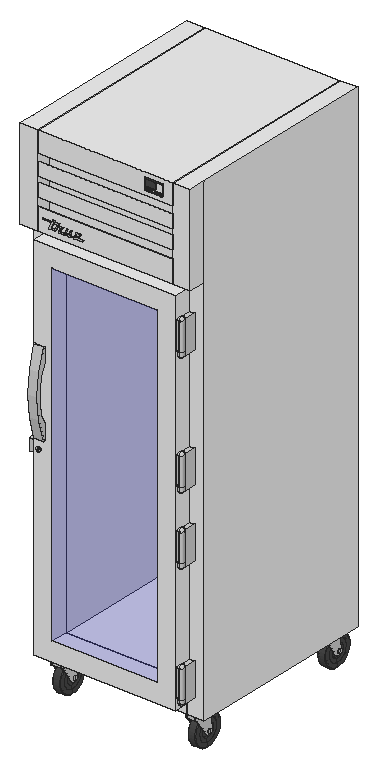
Revit family "QF_TRUE_STR1R-1G-HC", category Specialty Equipment, Revit 2012 (continued)
Automatic sketch dimensions
  Revolve 32 sketch curve to plane 4 "RIGHT" = 4.14082"
  Revolve 32 sketch curve to Revolve 32 sketch curve = 1.29707"
  Revolve 32 sketch curve to Revolve 32 sketch curve = 0"
  Revolve 32 sketch curve to Revolve 32 sketch curve = 0.10278"
  Revolve 32 sketch curve to plane 7 = 0.00141"
  plane 7 to Revolve 32 sketch curve = 0.26768"
  Extrusion 33 sketch curve to plane 7 = 0.63926"  (x2)
  Extrusion 33 sketch curve to plane 5 "FRONT" = 3.79864"
  Extrusion 33 sketch curve to Extrusion 33 sketch curve = 1/4"  (x2)
  Extrusion 33 sketch curve to Extrusion 33 sketch curve = 2 1/2"
  Extrusion 33 sketch curve to plane 7 = 0.93273"  (x2)
  Extrusion 33 sketch curve to Extrusion 33 sketch curve = 0.03603"
  plane 1 "BACK" to Extrusion 33 sketch curve = 3.8577"
  Extrusion 33 sketch curve to plane 7 = 1.24411"
  plane 1 "BACK" to Extrusion 33 sketch curve = 1.1077"
  Revolve 34 sketch curve to plane 4 "RIGHT" = 4.35148"
  Revolve 34 sketch curve to Revolve 34 sketch curve = 0.48273"
  Revolve 34 sketch curve to Revolve 34 sketch curve = 0.4"
  Revolve 34 sketch curve to Revolve 34 sketch curve = 0"  (x2)
  Revolve 34 sketch curve to Revolve 34 sketch curve = 0.1"  (x2)
  Revolve 34 sketch curve to Revolve 34 sketch curve = 0.16101"
  Revolve 34 sketch curve to Revolve 34 sketch curve = 0.75408"
  Revolve 34 sketch curve to Revolve 34 sketch curve = 0.92798"
  Revolve 34 sketch curve to Revolve 34 sketch curve = 0.06101"
  Revolve 34 sketch curve to Revolve 34 sketch curve = 1/2"
  Revolve 34 sketch curve to Revolve 34 sketch curve = 0.16509"
  Revolve 34 sketch curve to Revolve 34 sketch curve = 0.39592"
  level to Revolve 34 sketch curve = 2 1/2"
  Revolve 34 sketch curve to Revolve 34 sketch curve = 0.29941"  (x2)
  Revolve 34 sketch curve to Revolve 34 sketch curve = 3/4"  (x4)
  Revolve 34 sketch curve to Revolve 34 sketch curve = 0.59652"
  Revolve 34 sketch curve to Revolve 34 sketch curve = 0.60059"
  plane 3 "LEFT" to Revolve 35 sketch curve = 1.33602"
  Revolve 35 sketch curve to Revolve 35 sketch curve = 0.48273"
  Revolve 35 sketch curve to plane 8 = 5/8"  (x2)
  Revolve 35 sketch curve to Revolve 35 sketch curve = 0.1"  (x2)
  Revolve 35 sketch curve to Revolve 35 sketch curve = 0.16101"
  plane 8 to Revolve 35 sketch curve = 0.12908"
  plane 8 to Revolve 35 sketch curve = 0.46399"
  plane 8 to Revolve 35 sketch curve = 0.525"
  Revolve 35 sketch curve to Revolve 35 sketch curve = 1/2"
  Revolve 35 sketch curve to Revolve 35 sketch curve = 0.16509"
  Revolve 35 sketch curve to Revolve 35 sketch curve = 0.39592"
  level to Revolve 35 sketch curve = 2 1/2"
  Revolve 35 sketch curve to Revolve 35 sketch curve = 0"
  Revolve 35 sketch curve to Revolve 35 sketch curve = 0.29941"  (x2)
  Revolve 35 sketch curve to Revolve 35 sketch curve = 3/4"  (x4)
  Revolve 35 sketch curve to Revolve 35 sketch curve = 0.59652"
  Revolve 35 sketch curve to Revolve 35 sketch curve = 0.60059"
  Extrusion 36 sketch curve to plane 7 = 0.63926"  (x2)
  Extrusion 36 sketch curve to plane 5 "FRONT" = 3.79864"
  Extrusion 36 sketch curve to Extrusion 36 sketch curve = 1/4"  (x2)
  level to Extrusion 36 sketch curve = 2.18736"  (x2)
  Extrusion 36 sketch curve to Extrusion 36 sketch curve = 1.7492"
  Extrusion 36 sketch curve to Extrusion 36 sketch curve = 0.50669"  (x2)
  Extrusion 36 sketch curve to Extrusion 36 sketch curve = 2 1/2"
  level to Extrusion 36 sketch curve = 2.59003"
  Extrusion 36 sketch curve to Extrusion 36 sketch curve = 0.59966"  (x2)
  plane 1 "BACK" to Extrusion 36 sketch curve = 3.8577"
  plane 1 "BACK" to Extrusion 36 sketch curve = 1.8585"
  plane 1 "BACK" to Extrusion 36 sketch curve = 1.1077"
  Extrusion 36 sketch curve to Extrusion 36 sketch curve = 0.32905"
  Extrusion 36 sketch curve to Extrusion 36 sketch curve = 0.60485"  (x2)
  Extrusion 37 sketch curve to plane 7 = 0.63926"  (x2)
  Extrusion 37 sketch curve to plane 5 "FRONT" = 3.79864"
  Extrusion 37 sketch curve to Extrusion 37 sketch curve = 1/4"  (x2)
  level to Extrusion 37 sketch curve = 2.18736"  (x2)
  Extrusion 37 sketch curve to Extrusion 37 sketch curve = 1.7492"
  Extrusion 37 sketch curve to Extrusion 37 sketch curve = 0.50669"  (x2)
  Extrusion 37 sketch curve to Extrusion 37 sketch curve = 2 1/2"
  level to Extrusion 37 sketch curve = 2.59003"
  Extrusion 37 sketch curve to Extrusion 37 sketch curve = 0.59966"  (x2)
  plane 1 "BACK" to Extrusion 37 sketch curve = 3.8577"
  plane 1 "BACK" to Extrusion 37 sketch curve = 1.8585"
  plane 1 "BACK" to Extrusion 37 sketch curve = 1.1077"
  Extrusion 37 sketch curve to Extrusion 37 sketch curve = 0.32905"
  Extrusion 37 sketch curve to Extrusion 37 sketch curve = 0.60485"  (x2)
  Revolve 38 sketch curve to plane 8 = 0"  (x2)
  Revolve 38 sketch curve to plane 7 = 0.62954"
  Revolve 38 sketch curve to plane 8 = 1.29707"
  Revolve 38 sketch curve to Revolve 38 sketch curve = 0.10278"
  Revolve 38 sketch curve to plane 7 = 0.00141"
  plane 7 to Revolve 38 sketch curve = 0.26768"
  Revolve 39 sketch curve to level = 0"
  Revolve 39 sketch curve to plane 8 = 0"  (x2)
  Revolve 39 sketch curve to plane 8 = 1/2"
  Revolve 39 sketch curve to Revolve 39 sketch curve = 1/4"
  Revolve 39 sketch curve to plane 7 = 0"
  Revolve 39 sketch curve to plane 8 = 1.33338"
  level to Revolve 39 sketch curve = 1"
  Revolve 39 sketch curve to Revolve 39 sketch curve = 5/8"
  plane 7 to Revolve 39 sketch curve = 1 25/32"
  Revolve 40 sketch curve to level = 0"
  Revolve 40 sketch curve to plane 8 = 0"  (x2)
  Revolve 40 sketch curve to plane 8 = 1/2"
  Revolve 40 sketch curve to Revolve 40 sketch curve = 1/4"
  Revolve 40 sketch curve to plane 7 = 0"
  Revolve 40 sketch curve to plane 8 = 1.33338"
  level to Revolve 40 sketch curve = 1"
  Revolve 40 sketch curve to Revolve 40 sketch curve = 5/8"
  plane 7 to Revolve 40 sketch curve = 1 25/32"
  Revolve 41 sketch curve to plane 8 = 0"  (x2)
  Revolve 41 sketch curve to plane 7 = 0.62954"
  Revolve 41 sketch curve to plane 8 = 1.29707"
  Revolve 41 sketch curve to Revolve 41 sketch curve = 0.10278"
  Revolve 41 sketch curve to plane 7 = 0.00141"
  plane 7 to Revolve 41 sketch curve = 0.26768"
  Extrusion 42 sketch curve to plane 7 = 0.63926"  (x2)
  Extrusion 42 sketch curve to plane 5 "FRONT" = 3.79864"
  Extrusion 42 sketch curve to Extrusion 42 sketch curve = 1/4"  (x2)
  Extrusion 42 sketch curve to Extrusion 42 sketch curve = 2 1/2"
  Extrusion 42 sketch curve to plane 7 = 0.93273"  (x2)
  Extrusion 42 sketch curve to Extrusion 42 sketch curve = 0.03603"
  plane 1 "BACK" to Extrusion 42 sketch curve = 3.8577"
  Extrusion 42 sketch curve to plane 7 = 1.24411"
  plane 1 "BACK" to Extrusion 42 sketch curve = 1.1077"
  plane 3 "LEFT" to Revolve 43 sketch curve = 1.33602"
  Revolve 43 sketch curve to Revolve 43 sketch curve = 0.48273"
  Revolve 43 sketch curve to plane 8 = 5/8"  (x2)
  Revolve 43 sketch curve to Revolve 43 sketch curve = 0.1"  (x2)
  Revolve 43 sketch curve to Revolve 43 sketch curve = 0.16101"
  plane 8 to Revolve 43 sketch curve = 0.12908"
  plane 8 to Revolve 43 sketch curve = 0.46399"
  plane 8 to Revolve 43 sketch curve = 0.525"
  Revolve 43 sketch curve to Revolve 43 sketch curve = 1/2"
  Revolve 43 sketch curve to Revolve 43 sketch curve = 0.16509"
  Revolve 43 sketch curve to Revolve 43 sketch curve = 0.39592"
  level to Revolve 43 sketch curve = 2 1/2"
  Revolve 43 sketch curve to Revolve 43 sketch curve = 0"
  Revolve 43 sketch curve to Revolve 43 sketch curve = 0.29941"  (x2)
  Revolve 43 sketch curve to Revolve 43 sketch curve = 3/4"  (x4)
  Revolve 43 sketch curve to Revolve 43 sketch curve = 0.59652"
  Revolve 43 sketch curve to Revolve 43 sketch curve = 0.60059"
  plane 5 "FRONT" to Extrusion 44 sketch curve = 0"
  Extrusion 44 sketch curve to plane 8 = 11/16"
  Extrusion 44 sketch curve to plane 4 "RIGHT" = 2 3/8"
  plane 8 to Extrusion 45 sketch curve = 2 11/32"
  Extrusion 45 sketch curve to plane 4 "RIGHT" = 5 9/32"
  plane 7 to Extrusion 45 sketch curve = 4 29/32"
  Extrusion 45 sketch curve to plane 6 "TOP" = 19 5/32"
  Extrusion 46 sketch curve to plane 8 = 0"
  Extrusion 46 sketch curve to plane 5 "FRONT" = 5.09023"
  Extrusion 47 sketch curve to plane 8 = 0"
  plane 1 "BACK" to Extrusion 47 sketch curve = 2.69102"
  Extrusion 48 sketch curve to plane 4 "RIGHT" = 2 27/32"
  plane 1 "BACK" to Extrusion 48 sketch curve = 2.69102"
  Extrusion 49 sketch curve to plane 4 "RIGHT" = 2 27/32"
  Extrusion 49 sketch curve to plane 5 "FRONT" = 5.09023"
  Extrusion 3 sketch curve to plane 9 = 0"  (x4)
  Extrusion 3 sketch curve to plane 6 "TOP" = 0"
  plane 9 to Extrusion 3 sketch curve = 2.2042"
  Extrusion 3 sketch curve to Extrusion 3 sketch curve = 0"  (x3)
  plane 1 "BACK" to Extrusion 3 sketch curve = 0"
  Extrusion 3 sketch curve to plane 6 "TOP" = 3.34422"
  Extrusion 3 sketch curve to Extrusion 3 sketch curve = 1.12227"  (x2)
  Extrusion 3 sketch curve to Extrusion 3 sketch curve = 0.445"
  Extrusion 3 sketch curve to Extrusion 3 sketch curve = 2.13371"  (x2)
  Extrusion 3 sketch curve to Extrusion 3 sketch curve = 0.96076"  (x2)
  Extrusion 3 sketch curve to Extrusion 3 sketch curve = 2.0962"  (x2)
  Extrusion 3 sketch curve to Extrusion 3 sketch curve = 1.27557"  (x2)
  Extrusion 3 sketch curve to Extrusion 3 sketch curve = 2 1/8"
  plane 7 to Extrusion 3 sketch curve = 2.86127"
  Extrusion 3 sketch curve to plane 7 = 0"
  Extrusion 3 sketch curve to Extrusion 3 sketch curve = 2"
  plane 9 to Extrusion 3 sketch curve = 2.7042"  (x2)
  Extrusion 3 sketch curve to Extrusion 3 sketch curve = 2 1/2"
  Extrusion 3 sketch curve to Extrusion 3 sketch curve = 1"
  curve 5 to plane 3 "LEFT" = 0"
  plane 5 "FRONT" to curve 23 = 0"
  curve 26 to plane 10 = 0"
  plane 1 "BACK" to curve 4 = 0"
  curve 4 to plane 4 "RIGHT" = 0"
  plane 3 "LEFT" to curve 11 = 1.20097"
  plane 3 "LEFT" to curve 7 = 1.20097"
  curve 23 to plane 8 = 11/16"
  curve 26 to plane 8 = 0.36903"
  curve 8 to plane 8 = 11/32"
  curve 13 to plane 8 = 11/32"
  plane 8 to curve 7 = 0.98222"
  plane 1 "BACK" to curve 11 = 0.4208"
  plane 8 to curve 11 = 0.98222"
  plane 8 to curve 25 = 1.13097"
  plane 8 to curve 23 = 2.38973"
  curve 15 to plane 4 "RIGHT" = 5.39157"
  curve 19 to plane 4 "RIGHT" = 5.29782"
  curve 15 to curve 16 = 1.29904"
  curve 19 to curve 20 = 1.29904"
  plane 1 "BACK" to curve 14 = 0.4208"
  curve 14 to plane 4 "RIGHT" = 2.76657"
  curve 19 to plane 4 "RIGHT" = 2.67282"
  curve 23 to plane 4 "RIGHT" = 2 3/8"
  curve 22 to curve 23 = 0"
  curve 27 to curve 24 = 0.2"
  curve 5 to plane 5 "FRONT" = 2 1/4"
  curve 21 to plane 5 "FRONT" = 3.92849"
  curve 5 to curve 9 = 1.78257"
  curve 20 to curve 20 = 3/4"
  curve 8 to curve 7 = 3/4"
  curve 13 to curve 10 = 5.29663"
  curve 16 to curve 14 = 5.29663"
  plane 5 "FRONT" to Extrusion 7 sketch curve = 0.2"  (x2)
  plane 5 "FRONT" to Extrusion 7 sketch curve = 0"  (x2)
  Extrusion 7 sketch curve to plane 5 "FRONT" = 8.9176"
  Extrusion 7 sketch curve to Extrusion 7 sketch curve = 8.46533"
  plane 7 to Extrusion 7 sketch curve = 33.45208"
  Extrusion 7 sketch curve to Extrusion 7 sketch curve = 2.4"
  Extrusion 7 sketch curve to Extrusion 7 sketch curve = 4.4"
  Extrusion 7 sketch curve to Extrusion 7 sketch curve = 0"
  radius of Extrusion 8 sketch curve = 0.35"
  radius of Extrusion 12 sketch curve = 1/4"
  radius of Extrusion 46 sketch curve = 1 1/2"
  radius of Extrusion 47 sketch curve = 1 1/2"
  radius of Extrusion 48 sketch curve = 1 1/2"
  radius of Extrusion 49 sketch curve = 1 1/2"
Connectors (in)
  electrical at (24.25, -0.0625, 82), driven by "Volts", driven by "Watts"
    settings: on Extrusion 12, index 1, voltage 115 V, apparent load 437 VA, apparent load phase1 0 VA, apparent load phase2 0 VA, apparent load phase3 0 VA, power factor 1, load classification "Other", number of poles 1, system type 30, power factor state 1, is connector primary yes, connector utility no, sub classification motor no, connector description "ELECTRICAL CONNECTION"
